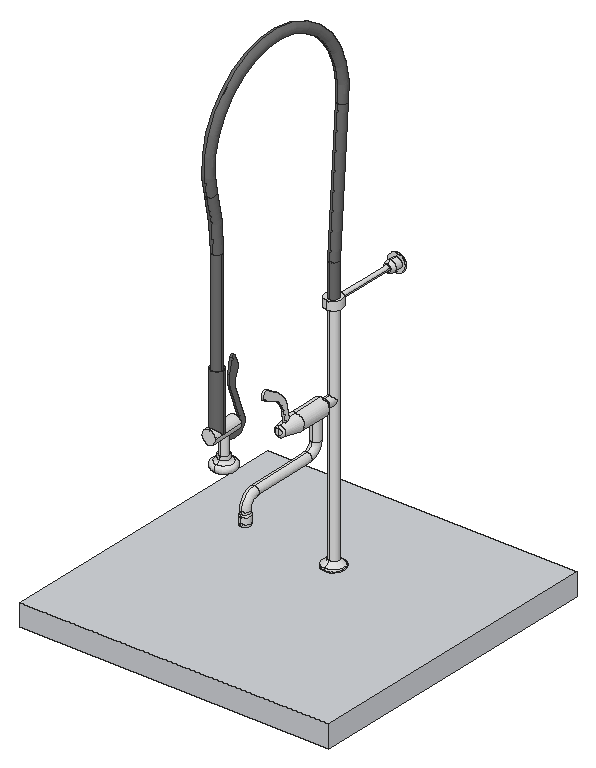
Revit family
Parameters (values of type "TF80HJP")
  WELSRating_ANZRS = ""
  URL = "www.galvinengineering.com.au"
  Type Comments = "Ezy-Wash Pre-Rinse"
  StyleOrType_ANZRS = "Plumbing Fixture"
  PlumbingMaterial_ANZRS = Metal_Taps_DR-Brass-with-Chrome-Finish_10800
  Outlet = "1000mm long high pressure hose with swivel ends"
  ModifiedIssue_ANZRS = 20120721.01  # constant formula
  Model = "TF80HJP"
  Manufacturer = "Galvin Engineering"
  Keynote = "15400"
  Instructions = "http://www.galvinengineering.com.au/Installation_Guides_1.aspx"
  Inlet = "15mm BSP Male"
  FlowRate = 0.000 L/s
  FlexibleHoseMaterial = Rubber_Taps_Black-with-Spring_10800
  FilterObject_ANZRS = "Ezy-Wash"
  DimInletRadius = 7.5 mm  # constant formula
  DimHeight = 1160 mm  # constant formula
  DimAdjustableLength [instance] = 180 mm
  Description = "Hob Mounted Pre-Rinse Unit Type 80H"
  Default Elevation = 900 mm
  CreatedBy_ANZRS = "Galvin Engineering"
  CreatedByURL_ANZRS = "www.galvinengineering.com.au"
  CreatedByPhoneNo_ANZRS = "61-8-92495900"
  Assembly Code = "D2010"
Reference planes
  plane 1 "Back": y = 0
  plane 2 "Face": z = 0
  plane 3 "Center (Left/Right)": x = 0
  plane 4 "Top": z = 1160
  plane 5 "CutLength": y = 180
  plane 6: y = 152.411
  plane 7 "Outlet1": z = 195
  plane 8 "Outlet2": z = 335
  plane 9 "Depth1": y = -250.131
  plane 10 "Front": y = -310.475
Forms (mm)
  Extrusion 1, solid
    sketch origin (0, -719.2, 0) x (1, 0, 0) y (0, 1, 0)
      loop
        line (-350, 969.2) -> (-350, 269.2) -> (350, 269.2) -> (350, 969.2) -> (-350, 969.2)
    from 0 to -50
  Revolve 2, solid, material "Metal_Taps_DR-Brass-with-Chrome-Finish_10800" <- "PlumbingMaterial_ANZRS"
    sketch origin (0, 0, 0) x (0, 1, 0) y (0, 0, 1)
      loop
        line (0, 545.7) -> (-19, 545.7) -> (-19, 527.7) -> (-11.1, 527.7) -> (-11.1, 14.3) -> (-12.2, 14.3) -> (-24.082, 4.295)
        arc (-24.082, 4.295) -> (-24.87, 3.266) -> (-25.15, 2) r 3
        line (-25.15, 2) -> (-25.15, 0) -> (0, 0) -> (0, 545.7)
      axis (0, 545.7) -> (0, 0)
    angle from 0 to 360
  Revolve 3, solid, material "Metal_Taps_DR-Brass-with-Chrome-Finish_10800" <- "PlumbingMaterial_ANZRS"
    sketch origin (0, -140, 240) x (0, 0, 1) y (0, -1, 0)
      loop
        line (-21.167, 110.475) -> (-21.167, 120.475) -> (-26.583, 122.458) -> (-40.125, 122.458) -> (-45, 121.808) -> (-45, 110.475) -> (-21.167, 110.475)
      axis (-21.167, 110.475) -> (-45, 110.475)
    angle from 0 to 360
  Revolve 4, solid, material "Metal_Taps_DR-Brass-with-Chrome-Finish_10800" <- "PlumbingMaterial_ANZRS"
    sketch origin (0, 76, 5) x (0, 0, 1) y (0, -1, 0)
      loop
        line (314.95, 184.332) -> (314.95, 113.142) -> (323.337, 102.201) -> (323.337, 76) -> (334, 76) -> (334, 231.373)
        arc (334, 231.373) -> (329.884, 231.232) -> (325.796, 230.735) r 47.48
        arc (325.796, 230.735) -> (323.654, 229.631) -> (322.538, 227.495) r 3.99
        line (322.538, 227.495) -> (314.95, 184.332)
      axis (334, 231.373) -> (334, 76)
    angle from 0 to 360
  Extrusion 5, solid, material "Metal_Taps_DR-Brass-with-Chrome-Finish_10800" <- "PlumbingMaterial_ANZRS"
    sketch origin (0, 66, 5) x (0, 0, 1) y (0, -1, 0)
      loop
        arc (405.482, 238.054) -> (391.839, 220.276) -> (371.613, 210.628) r 48
        line (371.613, 210.628) -> (337.488, 203.375) -> (339.435, 192.543) -> (379.064, 200.966)
        arc (379.064, 200.966) -> (400.215, 210.054) -> (416.278, 226.543) r 59
        line (416.278, 226.543) -> (432.699, 251.829)
        arc (432.699, 251.829) -> (429.833, 265.317) -> (416.345, 262.45) r 9.75
        line (416.345, 262.45) -> (405.482, 238.054)
    from -2.5 to 2.5
  Sweep 6, solid, material "Metal_Taps_DR-Brass-with-Chrome-Finish_10800" <- "PlumbingMaterial_ANZRS"
    path origin (0, 76, 5) x (0, 0, 1) y (0, -1, 0)
      loop
        line (213.833, 326.475) -> (218.713, 326.475)
        arc (218.713, 326.475) -> (237.45, 318.81) -> (245.44, 300.209) r 26.731
        line (245.44, 300.209) -> (248.035, 151.369)
        arc (248.035, 151.369) -> (255.672, 133.591) -> (273.581, 126.264) r 25.55
        line (273.581, 126.264) -> (328.581, 126.264)
    profile origin (0, -50.264, 306.081) x (0, -1, 0) y (1, 0, 0)
      loop
        circle (0, 0) r 10
  Revolve 7, solid, material "Metal_Taps_DR-Brass-with-Chrome-Finish_10800" <- "PlumbingMaterial_ANZRS"
    sketch origin (0, 182.495, 4.168) x (0, 0, 1) y (0, -1, 0)
      loop
        line (532.575, 30.084) -> (523.865, 30.084) -> (520.575, 21.522) -> (520.575, 4.495) -> (512.575, 4.495) -> (512.575, 2.495) -> (532.575, 2.495) -> (532.575, 30.084)
      axis (532.575, 30.084) -> (532.575, 2.495)
    angle from 0 to 360
  Revolve 8, solid, material "Metal_Taps_DR-Brass-with-Chrome-Finish_10800" <- "PlumbingMaterial_ANZRS"
    sketch origin (0, 76, -111.022) x (0, 0, 1) y (0, -1, 0)
      loop
        line (475.022, 398.475) -> (468.022, 398.475)
        arc (468.022, 398.475) -> (462.365, 400.818) -> (460.022, 406.475) r 8
        arc (460.022, 406.475) -> (453.022, 413.475) -> (446.022, 406.475) r 7
        line (446.022, 406.475) -> (446.022, 386.475) -> (526.522, 386.475) -> (526.522, 395.725) -> (475.022, 395.725) -> (475.022, 398.475)
      axis (526.522, 386.475) -> (446.022, 386.475)
    angle from 0 to 360
  Extrusion 9, solid, material "Rubber_Taps_Black_10800"
    sketch origin (0, 76.937, -111.022) x (0, 0, 1) y (0, -1, 0)
      loop
        arc (627.956, 372.705) -> (613.482, 373.415) -> (599.326, 370.32) r 55
        line (599.326, 370.32) -> (532.028, 345.957)
        arc (532.028, 345.957) -> (518.289, 346.32) -> (511.522, 358.283) r 13.957
        line (511.522, 358.283) -> (511.522, 378.095) -> (491.645, 378.095)
        arc (491.645, 378.095) -> (497.617, 375.265) -> (498.15, 368.678) r 6.607
        arc (498.15, 368.678) -> (502.572, 340.003) -> (530.803, 333.309) r 25.979
        line (530.803, 333.309) -> (598.627, 358.859)
        arc (598.627, 358.859) -> (609.29, 360.397) -> (619.611, 357.306) r 25
        arc (619.611, 357.306) -> (641.346, 352.239) -> (662.465, 359.455) r 40.5
        arc (662.465, 359.455) -> (664.088, 363.585) -> (660.899, 366.672) r 4
        line (660.899, 366.672) -> (627.956, 372.705)
    from -2.5 to 2.5
  Extrusion 10, solid, material "Rubber_Taps_Black_10800"
    sketch origin (0, 0, 0) x (1, 0, 0) y (0, 1, 0)
      loop
        circle (0, -330.783) r 15
    from 415.5 to 545.7
  Extrusion 11, solid, material "Metal_Taps_DR-Brass-with-Chrome-Finish_10800" <- "PlumbingMaterial_ANZRS"
    sketch origin (0, 320.428, 481.926) x (1, 0, 0) y (0, 0, 1)
      loop
        circle (0, -66.426) r 15
    from 601.678 to 673.678
  Extrusion 12, solid, material "Metal_Taps_DR-Brass-with-Chrome-Finish_10800" <- "PlumbingMaterial_ANZRS"
    sketch origin (0, -573.749, 470.699) x (1, 0, 0) y (0, 0, -1)
      loop
        circle (0, -66.426) r 5
    from 573.749 to 726.16
  Sweep 13, solid, material "Rubber_Taps_Black-with-Spring_10800" <- "FlexibleHoseMaterial"
    path origin (0, 76, 76) x (0, 0, 1) y (0, -1, 0)
      loop
        line (469.7, 76) -> (545.249, 76)
        arc (545.249, 76) -> (700.983, 70.392) -> (855.911, 53.595) r 2165
        arc (855.911, 53.595) -> (1072.504, 253.639) -> (831.946, 424.115) r 189.76
        arc (831.946, 424.115) -> (769.483, 411.136) -> (705.835, 406.783) r 467.457
    profile origin (0, 0, 583.475) x (0, -1, 0) y (1, 0, 0)
      loop
        circle (0, 0) r 11.1
  Extrusion 14, solid, material "Rubber_Taps_Black_10800"
    sketch origin (0, 0, 0) x (1, 0, 0) y (0, 1, 0)
      loop
        circle (0, -330.783) r 11.1
    from 544.2 to 781.835
Cuts and joins
  joined: Revolve 2, Revolve 4, Extrusion 5, Sweep 6, Extrusion 12
  joined: Revolve 8, Extrusion 11
Dimensions and locks
  "DimHeight": plane 4 "Top" to plane 2 "Face"
  "DimAdjustableLength": plane 5 "CutLength" to plane 1 "Back"
  locked: plane 5 "CutLength" to plane 6 at 27.589
  locked: plane 1 "Back" to plane 9 "Depth1" at 250.131
  locked: plane 1 "Back" to plane 10 "Front" at 310.475
  locked: plane 2 "Face" to plane 7 "Outlet1" at 195
  locked: plane 8 "Outlet2" to plane 2 "Face" at 335
  aligned and locked: plane 2 "Face" to Extrusion 1
  aligned and locked: level to Extrusion 1
  aligned and locked: plane 5 "CutLength" to Revolve 7
  aligned and locked: Extrusion 12 to plane 6
  aligned and locked: Revolve 7 to plane 6
  aligned and locked: plane 1 "Back" to Extrusion 12
Automatic sketch dimensions
  Extrusion 1 sketch curve to Extrusion 1 sketch curve = 700 mm  (x2)
  plane 7 "Outlet1" to Revolve 3 sketch curve = 0 mm
  Revolve 3 sketch curve to plane 9 "Depth1" = 0.344 mm  (x2)
  plane 7 "Outlet1" to Revolve 3 sketch curve = 8.083 mm
  Revolve 3 sketch curve to plane 7 "Outlet1" = 4.875 mm
  Revolve 3 sketch curve to Revolve 3 sketch curve = 11.917 mm  (x2)
  Revolve 3 sketch curve to Revolve 3 sketch curve = 13.542 mm
  Revolve 3 sketch curve to Revolve 3 sketch curve = 10 mm
  Revolve 3 sketch curve to Revolve 3 sketch curve = 11.333 mm
  Revolve 3 sketch curve to Revolve 3 sketch curve = 0.65 mm
  Revolve 4 sketch curve to plane 1 "Back" = 0 mm
  plane 8 "Outlet2" to Revolve 4 sketch curve = 15.05 mm
  plane 8 "Outlet2" to Revolve 4 sketch curve = 7.462 mm
  plane 8 "Outlet2" to Revolve 4 sketch curve = 6.662 mm
  plane 8 "Outlet2" to Revolve 4 sketch curve = 4.204 mm
  plane 8 "Outlet2" to Revolve 4 sketch curve = 3.532 mm
  Revolve 4 sketch curve to plane 8 "Outlet2" = 3.564 mm
  Revolve 4 sketch curve to plane 8 "Outlet2" = 4 mm  (x2)
  Revolve 4 sketch curve to plane 1 "Back" = 37.252 mm
  Revolve 4 sketch curve to Revolve 4 sketch curve = 26.201 mm
  Revolve 4 sketch curve to Revolve 4 sketch curve = 10.94 mm
  Revolve 4 sketch curve to Revolve 4 sketch curve = 35.606 mm
  Revolve 4 sketch curve to Revolve 4 sketch curve = 35.147 mm
  Revolve 4 sketch curve to Revolve 4 sketch curve = 0.437 mm
  Revolve 4 sketch curve to Revolve 4 sketch curve = 42.907 mm
  Revolve 4 sketch curve to Revolve 4 sketch curve = 0.693 mm
  Extrusion 5 sketch curve to plane 8 "Outlet2" = 7.488 mm
  Extrusion 5 sketch curve to plane 8 "Outlet2" = 9.435 mm
  Extrusion 5 sketch curve to plane 8 "Outlet2" = 31.633 mm
  Extrusion 5 sketch curve to Extrusion 5 sketch curve = 5.164 mm
  Extrusion 5 sketch curve to Extrusion 5 sketch curve = 34.125 mm
  Extrusion 5 sketch curve to Extrusion 5 sketch curve = 7.451 mm
  Extrusion 5 sketch curve to Extrusion 5 sketch curve = 33.869 mm
  Extrusion 5 sketch curve to Extrusion 5 sketch curve = 10.796 mm
  Extrusion 5 sketch curve to Extrusion 5 sketch curve = 10.863 mm
  Extrusion 5 sketch curve to Extrusion 5 sketch curve = 8.177 mm  (x2)
  plane 9 "Depth1" to Extrusion 5 sketch curve = 64.302 mm
  Extrusion 5 sketch curve to Extrusion 5 sketch curve = 13.775 mm
  Extrusion 5 sketch curve to Extrusion 5 sketch curve = 11.511 mm
  Extrusion 5 sketch curve to Extrusion 5 sketch curve = 27.426 mm
  Extrusion 5 sketch curve to Extrusion 5 sketch curve = 7.253 mm
  Extrusion 5 sketch curve to Extrusion 5 sketch curve = 9.662 mm
  Extrusion 5 sketch curve to Extrusion 5 sketch curve = 10.832 mm
  Extrusion 5 sketch curve to Extrusion 5 sketch curve = 5.31 mm
  Sweep 6 sketch curve to plane 9 "Depth1" = 0.344 mm
  Sweep 6 sketch curve to plane 7 "Outlet1" = 23.833 mm
  Sweep 6 sketch curve to Sweep 6 sketch curve = 4.88 mm
  plane 9 "Depth1" to Sweep 6 sketch curve = 25.922 mm
  Sweep 6 sketch curve to Sweep 6 sketch curve = 26.727 mm
  Sweep 6 sketch curve to plane 7 "Outlet1" = 58.035 mm
  Sweep 6 sketch curve to Sweep 6 sketch curve = 25.546 mm
  plane 8 "Outlet2" to Sweep 6 sketch curve = 1.419 mm
  plane 1 "Back" to Sweep 6 sketch curve = 75.814 mm
  Sweep 6 sketch curve to Sweep 6 sketch curve = 0.445 mm
  Sweep 6 sketch curve to profile plane = 0 mm  (x2)
  Revolve 7 sketch curve to plane 5 "CutLength" = 0 mm
  Revolve 7 sketch curve to plane 6 = 0 mm
  Revolve 7 sketch curve to plane 8 "Outlet2" = 181.743 mm
  Revolve 7 sketch curve to plane 5 "CutLength" = 2 mm
  Revolve 7 sketch curve to Revolve 7 sketch curve = 8 mm
  Revolve 7 sketch curve to Revolve 7 sketch curve = 3.29 mm
  Revolve 7 sketch curve to Revolve 7 sketch curve = 8.71 mm
  Revolve 7 sketch curve to Revolve 7 sketch curve = 0 mm
  Revolve 7 sketch curve to Revolve 7 sketch curve = 8.344 mm
  Revolve 7 sketch curve to Revolve 7 sketch curve = 12.589 mm
  Revolve 7 sketch curve to plane 6 = 8.562 mm
  Revolve 8 sketch curve to plane 10 "Front" = 0 mm  (x2)
  plane 8 "Outlet2" to Revolve 8 sketch curve = 0 mm
  Revolve 8 sketch curve to Revolve 8 sketch curve = 15 mm
  Revolve 8 sketch curve to Revolve 8 sketch curve = 7 mm  (x2)
  Revolve 8 sketch curve to Revolve 8 sketch curve = 0 mm
  Revolve 8 sketch curve to Revolve 8 sketch curve = 8 mm
  Revolve 8 sketch curve to Revolve 8 sketch curve = 6 mm
  Revolve 8 sketch curve to Revolve 8 sketch curve = 45.5 mm
  plane 10 "Front" to Revolve 8 sketch curve = 9.25 mm
  Revolve 8 sketch curve to Revolve 8 sketch curve = 2.75 mm
  Extrusion 9 sketch curve to plane 10 "Front" = 9.317 mm
  Extrusion 9 sketch curve to plane 8 "Outlet2" = 45.624 mm
  Extrusion 9 sketch curve to Extrusion 9 sketch curve = 0.536 mm
  Extrusion 9 sketch curve to Extrusion 9 sketch curve = 5.969 mm
  Extrusion 9 sketch curve to Extrusion 9 sketch curve = 13.372 mm
  Extrusion 9 sketch curve to Extrusion 9 sketch curve = 10.139 mm
  Extrusion 9 sketch curve to Extrusion 9 sketch curve = 3.819 mm
  Extrusion 9 sketch curve to plane 9 "Depth1" = 6.24 mm
  Extrusion 9 sketch curve to Extrusion 9 sketch curve = 5.324 mm
  Extrusion 9 sketch curve to Extrusion 9 sketch curve = 1.225 mm
  Extrusion 9 sketch curve to plane 10 "Front" = 28.554 mm
  Extrusion 9 sketch curve to Extrusion 9 sketch curve = 66.6 mm
  Extrusion 9 sketch curve to plane 10 "Front" = 17.093 mm
  Extrusion 9 sketch curve to Extrusion 9 sketch curve = 0.699 mm
  Extrusion 9 sketch curve to plane 9 "Depth1" = 8.397 mm
  Extrusion 9 sketch curve to Extrusion 9 sketch curve = 8.819 mm
  plane 9 "Depth1" to Extrusion 9 sketch curve = 8.464 mm
  Extrusion 9 sketch curve to Extrusion 9 sketch curve = 10.602 mm
  Extrusion 9 sketch curve to Extrusion 9 sketch curve = 20.983 mm
  Extrusion 9 sketch curve to Extrusion 9 sketch curve = 0 mm
  Extrusion 9 sketch curve to plane 10 "Front" = 14.708 mm
  plane 10 "Front" to Extrusion 9 sketch curve = 5.276 mm
  Extrusion 9 sketch curve to Extrusion 9 sketch curve = 32.223 mm
  Extrusion 9 sketch curve to plane 10 "Front" = 20.741 mm
  Extrusion 9 sketch curve to Extrusion 9 sketch curve = 0.721 mm
  Extrusion 9 sketch curve to Extrusion 9 sketch curve = 2.286 mm
  Extrusion 9 sketch curve to Extrusion 9 sketch curve = 12.648 mm
  Extrusion 9 sketch curve to Extrusion 9 sketch curve = 0.657 mm
  Extrusion 11 sketch curve to plane 3 "Center (Left/Right)" = 0 mm
  Extrusion 11 sketch curve to plane 8 "Outlet2" = 80.5 mm
  plane 3 "Center (Left/Right)" to Extrusion 12 sketch curve = 0 mm
  Extrusion 12 sketch curve to plane 8 "Outlet2" = 202.125 mm
  Sweep 13 sketch curve to plane 1 "Back" = 0 mm
  Sweep 13 sketch curve to plane 8 "Outlet2" = 210.7 mm
  Sweep 13 sketch curve to Sweep 13 sketch curve = 75.548 mm
  plane 10 "Front" to Sweep 13 sketch curve = 20.308 mm
  Sweep 13 sketch curve to Sweep 13 sketch curve = 160.586 mm
  plane 10 "Front" to Sweep 13 sketch curve = 37.64 mm
  Sweep 13 sketch curve to Sweep 13 sketch curve = 126.111 mm
  Sweep 13 sketch curve to Sweep 13 sketch curve = 0 mm
  Sweep 13 sketch curve to plane 1 "Back" = 22.405 mm
  Sweep 13 sketch curve to Sweep 13 sketch curve = 310.662 mm
  Sweep 13 sketch curve to profile plane = 0 mm  (x2)
  Extrusion 14 sketch curve to plane 3 "Center (Left/Right)" = 0 mm
  plane 10 "Front" to Extrusion 14 sketch curve = 20.308 mm
  Extrusion 10 sketch curve to plane 3 "Center (Left/Right)" = 0 mm
  plane 10 "Front" to Extrusion 10 sketch curve = 20.308 mm
  Revolve 2 sketch curve to level = 0 mm
  Revolve 2 sketch curve to plane 1 "Back" = 0 mm  (x2)
  Revolve 2 sketch curve to Revolve 2 sketch curve = 1.1 mm
  plane 1 "Back" to Revolve 2 sketch curve = 19 mm
  level to Revolve 2 sketch curve = 2 mm
  Revolve 2 sketch curve to Revolve 2 sketch curve = 9.95 mm
  Revolve 2 sketch curve to Revolve 2 sketch curve = 1.932 mm
  Revolve 2 sketch curve to Revolve 2 sketch curve = 3 mm
  plane 1 "Back" to Revolve 2 sketch curve = 11.1 mm
  Revolve 2 sketch curve to level = 20 mm
  Revolve 2 sketch curve to Revolve 2 sketch curve = 2 mm
  level to Revolve 2 sketch curve = 14.3 mm
  Revolve 2 sketch curve to plane 8 "Outlet2" = 192.7 mm
  Revolve 2 sketch curve to Revolve 2 sketch curve = 18 mm
  radius of Sweep 6 sketch curve = 10 mm
  radius of Extrusion 11 sketch curve = 15 mm
  radius of Extrusion 12 sketch curve = 5 mm
  radius of Sweep 13 sketch curve = 11.1 mm
  radius of Extrusion 14 sketch curve = 11.1 mm
  radius of Extrusion 10 sketch curve = 15 mm
Connectors
  piping at (0, 0, 0), driven by "FlowRate", driven by "DimInletRadius"
    settings: on Revolve 2, index 1, connector radius 0.29528", flow factor 0, pipe flow 0.000 L/s, pressure drop 0.00 psi, fitting loss kfactor 0, connector angle 0.00°, fixture units 0, flow configuration 1, flow direction 1, fitting loss method 4, system type 20, connector reference index -1, connector utility 0, adjustable connector no, is connector primary yes, fitting loss table "", connector description "Inlet"
